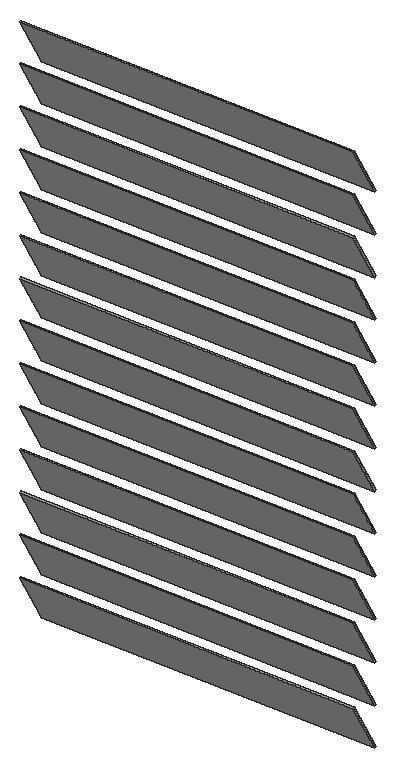
Revit family
Parameters
  URL = "www.DPlusP.com"
  NumBlades [instance] = Height / BladeLength / sin(BladeAngle) + 2  # 14
  Manufacturer = "D+P JPF"
  Height = 5' - 0"
  Default Sill Height = 4' - 0"
  Wall Closure = (empty or 0)
  Width = 3' - 0"
  BladeThicknes [instance] = 0' - 0 1/8"
  BladeMaterial [instance] = Default
  BladeLength [instance] = 0' - 6"
  BladeAngle [instance] = 60.00°
Reference planes (in)
  plane 1 "Center (Front/Back)": y = 0
  plane 2: z = 0
  plane 3 "Center (Left/Right)": x = 0
  plane 4 "Left": x = -18
  plane 5 "Right": x = 18
  plane 6 "Sill": z = 48
  plane 7 "Top": z = 108
Lines and regions (in)
  Opening 1
    outline origin (-60, -3, 0) x (1, 0, 0) y (0, 0, 1)
      loop
        line (42, 108) -> (42, 48) -> (78, 48) -> (78, 108) -> (42, 108)
Text (in)
  text "EXTERIOR" at (-58.6888, 50.90694, 0), in view "Ref. Level"
  text "INTERIOR" at (-58.6888, -37.76638, 0), in view "Ref. Level"
  text "Exterior" at (0, 43.65631, 123.19604), in view "Left"
  text "Exterior" at (0, 18.29385, 125.04747), in view "Right"
Dimensions and locks (in)
  equal spacing: plane 4 "Left", plane 3 "Center (Left/Right)", plane 5 "Right"
  "Width": plane 4 "Left" to plane 5 "Right"
  "Height": plane 6 "Sill" to plane 7 "Top"
  "Default Sill Height": plane 2 to plane 6 "Sill"
  equal spacing: group 1, group 3, group 4, group 5, group 6, group 7, group 8, group 9, group 10, group 11, group 12, group 13, group 14, group 2  (x3)
  aligned and locked: plane 7 "Top" to Opening 1 sketch curve
  aligned and locked: plane 6 "Sill" to Opening 1 sketch curve  (x2)
  aligned and locked: plane 5 "Right" to Opening 1 sketch curve
  aligned and locked: plane 4 "Left" to Opening 1 sketch curve
  aligned and locked: nested 1 to plane 6 "Sill"
  aligned and locked: nested 1 to plane 4 "Left"
  aligned and locked: nested 2 to plane 4 "Left"
  aligned and locked: nested 2 to plane 7 "Top"
Nested families (in)
  nested 1: "Blade02" at (-18, 0, 48), BladeThickness <- "BladeThicknes", BladeLength <- "BladeLength", BladeAngle <- "BladeAngle", BladeMaterial <- "BladeMaterial", LouverWidth <- "Width", type "Blade02"
    with LouverWidth 3' - 0", BladeThickness 0' - 0 1/8", BladeRadius 0' - 3", BladeMaterial Default, BladeLength 0' - 6", BladeAngle 60.00°
  nested 2: "Blade02" at (-18, 0, 102), BladeThickness <- "BladeThicknes", BladeLength <- "BladeLength", BladeAngle <- "BladeAngle", BladeMaterial <- "BladeMaterial", LouverWidth <- "Width", type "Blade02"
    with LouverWidth 3' - 0", BladeThickness 0' - 0 1/8", BladeRadius 0' - 3", BladeMaterial Default, BladeLength 0' - 6", BladeAngle 60.00°
  nested 3: "Blade02" at (-18, 0, 52.15385), BladeThickness <- "BladeThicknes", BladeLength <- "BladeLength", BladeAngle <- "BladeAngle", BladeMaterial <- "BladeMaterial", LouverWidth <- "Width", type "Blade02"
    with LouverWidth 3' - 0", BladeThickness 0' - 0 1/8", BladeRadius 0' - 3", BladeMaterial Default, BladeLength 0' - 6", BladeAngle 60.00°
  nested 4: "Blade02" at (-18, 0, 56.30769), BladeThickness <- "BladeThicknes", BladeLength <- "BladeLength", BladeAngle <- "BladeAngle", BladeMaterial <- "BladeMaterial", LouverWidth <- "Width", type "Blade02"
    with LouverWidth 3' - 0", BladeThickness 0' - 0 1/8", BladeRadius 0' - 3", BladeMaterial Default, BladeLength 0' - 6", BladeAngle 60.00°
  nested 5: "Blade02" at (-18, 0, 60.46154), BladeThickness <- "BladeThicknes", BladeLength <- "BladeLength", BladeAngle <- "BladeAngle", BladeMaterial <- "BladeMaterial", LouverWidth <- "Width", type "Blade02"
    with LouverWidth 3' - 0", BladeThickness 0' - 0 1/8", BladeRadius 0' - 3", BladeMaterial Default, BladeLength 0' - 6", BladeAngle 60.00°
  nested 6: "Blade02" at (-18, 0, 64.61538), BladeThickness <- "BladeThicknes", BladeLength <- "BladeLength", BladeAngle <- "BladeAngle", BladeMaterial <- "BladeMaterial", LouverWidth <- "Width", type "Blade02"
    with LouverWidth 3' - 0", BladeThickness 0' - 0 1/8", BladeRadius 0' - 3", BladeMaterial Default, BladeLength 0' - 6", BladeAngle 60.00°
  nested 7: "Blade02" at (-18, 0, 68.76923), BladeThickness <- "BladeThicknes", BladeLength <- "BladeLength", BladeAngle <- "BladeAngle", BladeMaterial <- "BladeMaterial", LouverWidth <- "Width", type "Blade02"
    with LouverWidth 3' - 0", BladeThickness 0' - 0 1/8", BladeRadius 0' - 3", BladeMaterial Default, BladeLength 0' - 6", BladeAngle 60.00°
  nested 8: "Blade02" at (-18, 0, 72.92308), BladeThickness <- "BladeThicknes", BladeLength <- "BladeLength", BladeAngle <- "BladeAngle", BladeMaterial <- "BladeMaterial", LouverWidth <- "Width", type "Blade02"
    with LouverWidth 3' - 0", BladeThickness 0' - 0 1/8", BladeRadius 0' - 3", BladeMaterial Default, BladeLength 0' - 6", BladeAngle 60.00°
  nested 9: "Blade02" at (-18, 0, 77.07692), BladeThickness <- "BladeThicknes", BladeLength <- "BladeLength", BladeAngle <- "BladeAngle", BladeMaterial <- "BladeMaterial", LouverWidth <- "Width", type "Blade02"
    with LouverWidth 3' - 0", BladeThickness 0' - 0 1/8", BladeRadius 0' - 3", BladeMaterial Default, BladeLength 0' - 6", BladeAngle 60.00°
  nested 10: "Blade02" at (-18, 0, 81.23077), BladeThickness <- "BladeThicknes", BladeLength <- "BladeLength", BladeAngle <- "BladeAngle", BladeMaterial <- "BladeMaterial", LouverWidth <- "Width", type "Blade02"
    with LouverWidth 3' - 0", BladeThickness 0' - 0 1/8", BladeRadius 0' - 3", BladeMaterial Default, BladeLength 0' - 6", BladeAngle 60.00°
  nested 11: "Blade02" at (-18, 0, 85.38462), BladeThickness <- "BladeThicknes", BladeLength <- "BladeLength", BladeAngle <- "BladeAngle", BladeMaterial <- "BladeMaterial", LouverWidth <- "Width", type "Blade02"
    with LouverWidth 3' - 0", BladeThickness 0' - 0 1/8", BladeRadius 0' - 3", BladeMaterial Default, BladeLength 0' - 6", BladeAngle 60.00°
  nested 12: "Blade02" at (-18, 0, 89.53846), BladeThickness <- "BladeThicknes", BladeLength <- "BladeLength", BladeAngle <- "BladeAngle", BladeMaterial <- "BladeMaterial", LouverWidth <- "Width", type "Blade02"
    with LouverWidth 3' - 0", BladeThickness 0' - 0 1/8", BladeRadius 0' - 3", BladeMaterial Default, BladeLength 0' - 6", BladeAngle 60.00°
  nested 13: "Blade02" at (-18, 0, 93.69231), BladeThickness <- "BladeThicknes", BladeLength <- "BladeLength", BladeAngle <- "BladeAngle", BladeMaterial <- "BladeMaterial", LouverWidth <- "Width", type "Blade02"
    with LouverWidth 3' - 0", BladeThickness 0' - 0 1/8", BladeRadius 0' - 3", BladeMaterial Default, BladeLength 0' - 6", BladeAngle 60.00°
  nested 14: "Blade02" at (-18, 0, 97.84615), BladeThickness <- "BladeThicknes", BladeLength <- "BladeLength", BladeAngle <- "BladeAngle", BladeMaterial <- "BladeMaterial", LouverWidth <- "Width", type "Blade02"
    with LouverWidth 3' - 0", BladeThickness 0' - 0 1/8", BladeRadius 0' - 3", BladeMaterial Default, BladeLength 0' - 6", BladeAngle 60.00°
Definition of nested family "Blade02"
  Parameters
    LouverWidth [instance] = 3' - 0"
    BladeThickness [instance] = 0' - 0 1/4"
    BladeRadius [instance] = BladeLength * 0.5  # 0' - 3"
    BladeMaterial [instance] = Default
    BladeLength [instance] = 0' - 6"
    BladeAngle [instance] = 60.00°
  Reference planes (in)
    plane 1 "Center (Front/Back)": y = 0
    plane 2: z = 0
    plane 3 "Center (Left/Right)": x = 0
    plane 4: z = 3
    plane 5: z = 6
    plane 6: x = 36
  Forms (in)
    Extrusion 1, solid, material "Default" <- "BladeMaterial"
      sketch origin (0, 0, 0) x (0, 1, 0) y (0, 0, 1)
        loop
          arc (1.39044, 0.34168) -> (1.5, 0.40192) -> (1.60695, 0.46668) r 3
          line (1.60695, 0.46668) -> (-1.39044, 5.65832)
          arc (-1.39044, 5.65832) -> (-1.5, 5.59808) -> (-1.60695, 5.53332) r 3
          line (-1.60695, 5.53332) -> (1.39044, 0.34168)
      from 0 to 36
  Lines and regions (in)
    reference lines
      curve 1: line (0, 0, 3) -> (0, -2.25, 6.89711)
      curve 2: arc (0, 0, 6) -> (0, 3, 3) -> (0, 0, 0) r 3
      curve 3: arc (0, 0, 0) -> (0, -3, 3) -> (0, 0, 6) r 3
      curve 4: line (0, -0.02024, 3.28506) -> (0, -1.17665, 5.28801)
      curve 5: line (0, -0.15602, 3.02024) -> (0, -1.105, 4.66392)
  Dimensions and locks (in)
    equal spacing: curve 5, curve 1, curve 4
    "BladeThickness": curve 5 to curve 4
    "LouverWidth": plane 6 to plane 3 "Center (Left/Right)"
    equal spacing: plane 5, plane 4, plane 2
    "BladeLength": plane 5 to plane 2
    "BladeAngle": angle plane 4 to curve 1
    aligned and locked: plane 5 to curve 2
    aligned and locked: plane 1 "Center (Front/Back)" to curve 2
    aligned and locked: level to curve 3
    aligned and locked: Extrusion 1 sketch curve to curve 4
    aligned and locked: Extrusion 1 sketch curve to curve 5
    aligned and locked: Extrusion 1 sketch curve to curve 3
    aligned and locked: Extrusion 1 sketch curve to curve 2
    aligned and locked: Extrusion 1 to plane 6
  Automatic sketch dimensions
    curve 1 to plane 1 "Center (Front/Back)" = 0' - 0"
    curve 1 to plane 4 = 0' - 0"
    plane 4 to curve 5 = 0' - 0.02024"
    plane 1 "Center (Front/Back)" to curve 4 = 0' - 0.02024"
    curve 5 to plane 5 = 0' - 1.33608"
    curve 5 to curve 4 = 0' - 0.62409"
